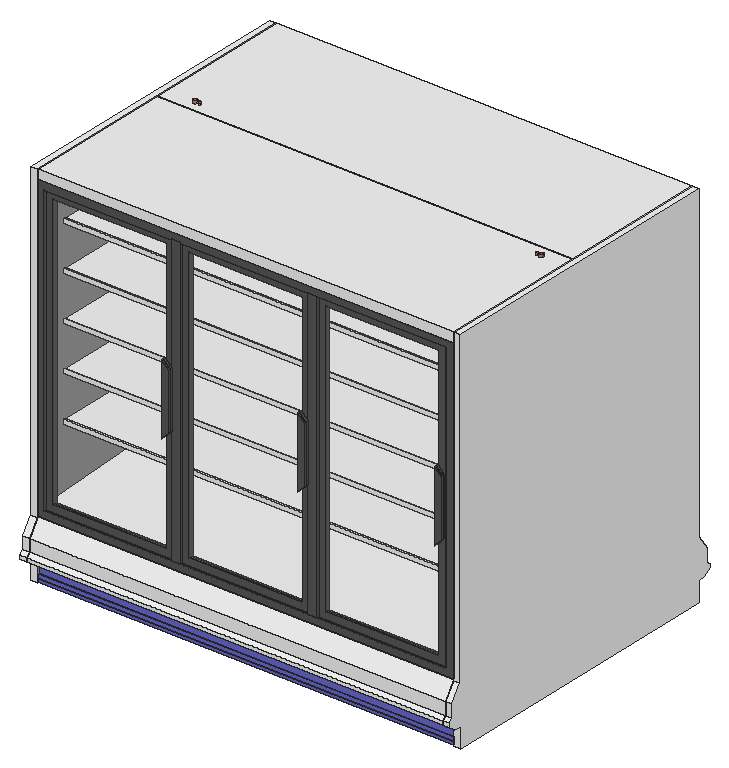
Revit family
Parameters (values of type "RLNI-3DR. Innov., Innov. II & III")
  Width = 72 1/4"
  Voltage - Electric Defrost [instance] = 208 V
  Voltage [instance] = 120 V
  URL = "www.hussmann.com"
  Type Comments = "Narrow LT Reach-In Island Merchandiser"
  Temp Sensor [instance] = "Low Voltage"
  Telephone = no
  System Control [instance] = "1.00 A"
  Revit Family Dates = "4/23/12PMA(0112)"
  Refrigerant Suction Connection Diameter [instance] = 7/8"
  Refrigerant Liquid Connection Diameter [instance] = 3/8"
  Refrig. Suction-2 [instance] = "Suction2"
  Refrig. Suction [instance] = "Suction"
  Refrig. Liquid-2 [instance] = "Liquid2"
  Refrig. Liquid [instance] = "Liquid"
  Phase [instance] = 1
  Number of Shelves = 0
  Model = "RLNI-4"
  Mirrored Right End Cap On/Off [instance] = yes
  Mirrored Left End Cap On/Off [instance] = yes
  Manufacturer = "Hussmann Corporation"
  MCA (Min Circ Amp) - 2 [instance] = 4.9 A
  MCA (Min Circ Amp) [instance] = 4.9 A
  Linear Shelf Length = 0"
  Length = 153 5/16"
  Height = 82 3/8"
  Front Height = 0"
  Frequency [instance] = 60 Hz
  Finish_Trim [instance] = Stainless Steel 2
  Finish_Top [instance] = none
  Finish_Shelf [instance] = Stainless Steel
  Finish_Handle = Metal Black-Door
  Finish_Glass [instance] = Glass 2
  Finish_Frame = Metal Black-Door
  Finish_Door [instance] = Metal Black-Door
  Finish_Case [instance] = Stainless Steel
  Finish_Bumper [instance] = Metal Blue-trim
  Finish_Base [instance] = Stainless Steel
  Elect. Defrost Amps-2 [instance] = "10.08 A"
  Elect. Defrost Amps [instance] = "10.08 A"
  Elect. Def. Amps - 2 [instance] = 10.08 A
  Elect. Def. Amps [instance] = 10.08 A
  EMS = no
  Drain Pipe Size = "1 1/4\""
  Drain Heaters-2 [instance] = 1.25 A
  Drain Heaters [instance] = 1.25 A
  Description = "Low Temperature Reach-in(Food or Ice Cream)"
  Depth = 39 3/4"
  Data = "N/A"
  Copper-Suction [instance] = Copper
  Copper-Liquid [instance] = Copper
  Case Lights-2 [instance] = 0.54 A
  Case Lights Amps-2 [instance] = "0.54 A"
  Case Lights Amps [instance] = "0.54 A"
  Case Lights [instance] = 0.54 A
  Case Fans (MCA)-2 [instance] = "4.90 A"
  Case Fans (MCA) [instance] = "4.90 A"
  Assembly Code = ""
  Accessories/Options = "N/A"
Reference planes (in)
  plane 1 "Center (Front/Back)": y = 0
  plane 2: z = 0
  plane 3: z = 13.375
  plane 4: z = 80.375
  plane 5: z = 82.375
  plane 6: x = -77.30699
  plane 7: x = 76.00551
  plane 8: x = -0.49449
  plane 9: y = -36.16436
  plane 10: y = -27.03936
  plane 11: y = -24.41436
  plane 12: y = 36.08564
  plane 13: y = 23.375
  plane 14: y = 20.75
  plane 15: x = 55.81606
  plane 16: y = -23.91436
  plane 17: y = -34.03936
  plane 18: x = 63.00551
  plane 19: x = -62.05894
  plane 20: x = 60.81606
  plane 21: x = -46.86949
  plane 22: x = 45.63051
  plane 23: y = 33.08564
  plane 24: y = -33.16436
  plane 25: x = -22.86949
  plane 26: x = 21.88051
  plane 27: y = 27.03936
Forms (in)
  Extrusion 1, solid, material "Stainless Steel" <- "Finish_Case"
    sketch origin (-77.30699, 3.58564, 0) x (0, 1, 0) y (0, 0, 1)
      loop
        line (-5, 4.63662) -> (-3.58564, 6.05098) -> (-3.58564, 82.375) -> (-36.8125, 82.375) -> (-36.8125, 80.375) -> (-5.25, 80.375) -> (-5.25, 8.32075) -> (-24.32494, 7.65464) -> (-25.55546, 6.42413) -> (-29.05546, 6.42413) -> (-31, 8.36867) -> (-33.25, 8.36867) -> (-33.25, 6.36867) -> (-30.25, 4.63662) -> (-5, 4.63662)
    from 30.4375 to 122.9375
  Extrusion 2, solid, material "Stainless Steel" <- "Finish_Case"
    sketch origin (-77.30699, 7.58564, 0) x (0, 1, 0) y (0, 0, 1)
      loop
        line (-37.25, 13.375) -> (-40.75, 13.06879) -> (-43.04431, 9.79218) -> (-43.04431, 7.04218) -> (-43.75, 6.33649) -> (-43.75, 5.46372) -> (-42.51777, 4.6009) -> (-40.75, 6.36867) -> (-40.75, 8.36867) -> (-37.25, 8.36867) -> (-37.25, 13.375)
    from 30.4375 to 122.9375
  Extrusion 3, solid, material "Stainless Steel" <- "Finish_Case"
    sketch origin (-77.30699, 3.58564, 0) x (0, 1, 0) y (0, 0, 1)
      loop
        line (-5.25, 80.375) -> (-32.75, 80.375) -> (-32.75, 79.30701) -> (-7.5, 78.86627) -> (-7.5, 8.24218) -> (-5.25, 8.32075) -> (-5.25, 80.375)
    from 30.4375 to 122.9375
  Extrusion 4, solid
    sketch origin (-77.30699, 3.58564, 0) x (0, 1, 0) y (0, 0, 1)
      loop
        line (-33, 79.31138) -> (-33, 78.31138) -> (-30, 78.31138) -> (-30, 79.25901) -> (-33, 79.31138)
    from 31.9375 to 121.4375
  Extrusion 5, solid, material "Stainless Steel" <- "Finish_Base"
    sketch origin (-77.30699, 3.58564, 0) x (0, 1, 0) y (0, 0, 1)
      loop
        line (-7.5, 8.24218) -> (-7.5, 14.02618) -> (-29, 14.02618) -> (-29, 11.02618)
        arc (-29, 11.02618) -> (-29.29289, 10.31907) -> (-30, 10.02618) r 1
        line (-30, 10.02618) -> (-31.25, 10.02618)
        arc (-31.25, 10.02618) -> (-31.95711, 10.31907) -> (-32.25, 11.02618) r 1
        line (-32.25, 11.02618) -> (-32.25, 13.375) -> (-33.25, 13.375) -> (-33.25, 8.36867) -> (-31, 8.36867) -> (-29.05546, 6.42413) -> (-25.55546, 6.42413) -> (-24.32494, 7.65464) -> (-7.5, 8.24218)
    from 30.4375 to 122.9375
  Extrusion 6, solid, material "Stainless Steel" <- "Finish_Shelf"
    sketch origin (-77.30699, 3.58564, 0) x (0, 1, 0) y (0, 0, 1)
      loop
        line (-7.5, 64.46157) -> (-7.5, 68.38662) -> (-8.5, 68.38662) -> (-8.5, 69.38662) -> (-29.5, 69.38662) -> (-29.5, 69.63662) -> (-29.75, 69.63662) -> (-29.75, 68.63662) -> (-29.5, 68.63662) -> (-29.5, 69.13662) -> (-26, 69.13662) -> (-26, 68.88662) -> (-13.81963, 68.88662) -> (-7.5, 64.46157)
      loop
        line (-34.54319, 13.85228) -> (-7.5, 15.26956) -> (-7.5, 16.27093) -> (-34.54319, 14.85366) -> (-34.54319, 13.85228)
      loop
        line (-7.5, 54.46157) -> (-7.5, 58.38662) -> (-8.5, 58.38662) -> (-8.5, 59.38662) -> (-29.5, 59.38662) -> (-29.5, 59.63662) -> (-29.75, 59.63662) -> (-29.75, 58.63662) -> (-29.5, 58.63662) -> (-29.5, 59.13662) -> (-26, 59.13662) -> (-26, 58.88662) -> (-13.81963, 58.88662) -> (-7.5, 54.46157)
      loop
        line (-7.5, 44.46157) -> (-7.5, 48.38662) -> (-8.5, 48.38662) -> (-8.5, 49.38662) -> (-29.5, 49.38662) -> (-29.5, 49.63662) -> (-29.75, 49.63662) -> (-29.75, 48.63662) -> (-29.5, 48.63662) -> (-29.5, 49.13662) -> (-26, 49.13662) -> (-26, 48.88662) -> (-13.81963, 48.88662) -> (-7.5, 44.46157)
      loop
        line (-7.5, 34.46157) -> (-7.5, 38.38662) -> (-8.5, 38.38662) -> (-8.5, 39.38662) -> (-29.5, 39.38662) -> (-29.5, 39.63662) -> (-29.75, 39.63662) -> (-29.75, 38.63662) -> (-29.5, 38.63662) -> (-29.5, 39.13662) -> (-26, 39.13662) -> (-26, 38.88662) -> (-13.81963, 38.88662) -> (-7.5, 34.46157)
      loop
        line (-7.5, 24.46157) -> (-7.5, 28.38662) -> (-8.5, 28.38662) -> (-8.5, 29.38662) -> (-29.5, 29.38662) -> (-29.5, 29.63662) -> (-29.75, 29.63662) -> (-29.75, 28.63662) -> (-29.5, 28.63662) -> (-29.5, 29.13662) -> (-26, 29.13662) -> (-26, 28.88662) -> (-13.81963, 28.88662) -> (-7.5, 24.46157)
    from 30.4375 to 122.9375
  Extrusion 7, solid, material "Stainless Steel"
    sketch origin (-45.36949, 3.58564, 0) x (0, 1, 0) y (0, 0, 1)
      loop
        line (0, 4.26162) -> (-33.84766, 4.26162) -> (-33.84766, 0) -> (0, 0) -> (0, 4.26162)
    from 0 to -1.5
  Extrusion 8, solid, material "Stainless Steel"
    sketch origin (44.13051, 3.58564, 0) x (0, 1, 0) y (0, 0, 1)
      loop
        line (0, 4.26162) -> (-33.84766, 4.26162) -> (-33.84766, 0) -> (0, 0) -> (0, 4.26162)
    from 0 to 1.5
  Extrusion 9, solid, material "Metal Blue-trim"
    sketch origin (-80.30699, 8.39814, 0) x (0, 1, 0) y (0, 0, 1)
      loop
        line (-38.66016, 4.7871) -> (-39.66016, 5.36445) -> (-39.66016, 4.26162) -> (-41.3125, 4.55297) -> (-41.3125, 1.75) -> (-41.5625, 1.75) -> (-41.5625, 1) -> (-41.3125, 1) -> (-41.3125, 0.75) -> (-41.5625, 0.75) -> (-41.5625, 0.19004) -> (-39.66016, 0.52548) -> (-39.66016, 0) -> (-38.66016, 0) -> (-38.66016, 4.7871)
    from 33.4375 to 125.9375
  Extrusion 10, solid, material "Stainless Steel"
    sketch origin (-80.30699, 3.58564, 0) x (0, 1, 0) y (0, 0, 1)
      loop
        line (-33.84766, 1.76162) -> (0, 1.76162) -> (0, 4.26162) -> (-33.84766, 4.26162) -> (-33.84766, 1.76162)
    from 33.4375 to 125.9375
  Extrusion 11, solid, material "Stainless Steel"
    sketch origin (-75.80699, 3.58564, 0) x (0, 1, 0) y (0, 0, 1)
      loop
        line (-0.5532, 1.76162) -> (-2.8032, 1.76162) -> (-2.8032, 0) -> (-0.5532, 0) -> (-0.5532, 1.76162)
      loop
        line (-29.125, 1.76162) -> (-29.125, 0) -> (-26.875, 0) -> (-26.875, 1.76162) -> (-29.125, 1.76162)
    from 28.9375 to 121.4375
  Extrusion 12, solid, material "Stainless Steel"
    sketch origin (-77.30699, 3.58564, 0) x (0, 1, 0) y (0, 0, 1)
      loop
        line (-2.5, 4.26162) -> (0, 4.26162) -> (0, 50.13662) -> (-2.5, 50.13662) -> (-2.5, 4.26162)
    from 30.4375 to 122.9375
  Sweep 13, solid, material "Metal Black-Door"
    path origin (30.4375, 6.77314, 0) x (1, 0, 0) y (0, 0, 1)
      loop
        line (-77.30699, 80.375) -> (-77.30699, 13.375) -> (15.19301, 13.375) -> (15.19301, 80.375) -> (-77.30699, 80.375)
    profile origin (-0.61949, 6.77314, 80.375) x (0, 0, 1) y (0, -1, 0)
      loop
        line (0, 40) -> (-1.5, 40) -> (-1.5, 38.5) -> (0, 38.5) -> (0, 40)
  Extrusion 14, solid, material "Metal Black-Door"
    sketch origin (30.4375, -33.22686, 0) x (0, 0, 1) y (1, 0, 0)
      loop
        line (78.875, -75.80699) -> (78.875, -47.53199) -> (14.875, -47.53199) -> (14.875, -75.80699) -> (78.875, -75.80699)
      loop
        line (77.375, -74.30699) -> (77.375, -49.03199) -> (16.375, -49.03199) -> (16.375, -74.30699) -> (77.375, -74.30699)
      loop
        line (78.875, -17.25699) -> (14.875, -17.25699) -> (14.875, -45.53199) -> (78.875, -45.53199) -> (78.875, -17.25699)
      loop
        line (77.375, -18.75699) -> (16.375, -18.75699) -> (16.375, -44.03199) -> (77.375, -44.03199) -> (77.375, -18.75699)
      loop
        line (78.875, -15.13199) -> (78.875, 13.14301) -> (14.875, 13.14301) -> (14.875, -15.13199) -> (78.875, -15.13199)
      loop
        line (77.375, -13.63199) -> (77.375, 11.64301) -> (16.375, 11.64301) -> (16.375, -13.63199) -> (77.375, -13.63199)
    from 0.5 to 1.5
  Extrusion 15, solid, material "Glass 2"
    sketch origin (30.4375, -32.47686, 0) x (1, 0, 0) y (0, 0, 1)
      loop
        line (-74.30699, 77.375) -> (-74.30699, 16.375) -> (-49.03199, 16.375) -> (-49.03199, 77.375) -> (-74.30699, 77.375)
      loop
        line (-18.75699, 77.375) -> (-44.03199, 77.375) -> (-44.03199, 16.375) -> (-18.75699, 16.375) -> (-18.75699, 77.375)
      loop
        line (-13.63199, 77.375) -> (-13.63199, 16.375) -> (11.64301, 16.375) -> (11.64301, 77.375) -> (-13.63199, 77.375)
    from 0 to -0.19922
  Extrusion 16, solid, material "Metal Black-Door"
    sketch origin (-4.44375, 3.64814, 31.9375) x (1, 0, 0) y (0, 0, 1)
      loop
        line (-14.15074, 22.8125) -> (-14.15074, 22.45895) -> (-12.90074, 21.20895) -> (-12.90074, 8.66605) -> (-14.15074, 7.41605) -> (-14.15074, 7.0625) -> (-12.65074, 8.5625) -> (-12.65074, 21.3125) -> (-14.15074, 22.8125)
    from 36.875 to 37.375
  Extrusion 17, solid, material "Metal Black-Door"
    sketch origin (-4.44375, -33.72686, 31.9375) x (1, 0, 0) y (0, 0, 1)
      loop
        line (-12.65074, 21.3125) -> (-14.15074, 22.8125) -> (-14.15074, 7.0625) -> (-12.65074, 8.5625) -> (-12.65074, 21.3125)
    from 0.25 to 0
  Extrusion 18, solid, material "Metal Black-Door"
    sketch origin (25.83125, 3.64814, 31.9375) x (1, 0, 0) y (0, 0, 1)
      loop
        line (-14.15074, 22.8125) -> (-14.15074, 22.45895) -> (-12.90074, 21.20895) -> (-12.90074, 8.66605) -> (-14.15074, 7.41605) -> (-14.15074, 7.0625) -> (-12.65074, 8.5625) -> (-12.65074, 21.3125) -> (-14.15074, 22.8125)
    from 36.875 to 37.375
  Extrusion 19, solid, material "Metal Black-Door"
    sketch origin (25.83125, -33.72686, 31.9375) x (1, 0, 0) y (0, 0, 1)
      loop
        line (-12.65074, 21.3125) -> (-14.15074, 22.8125) -> (-14.15074, 7.0625) -> (-12.65074, 8.5625) -> (-12.65074, 21.3125)
    from 0.25 to 0
  Extrusion 20, solid, material "Metal Black-Door"
    sketch origin (56.23125, 3.64814, 31.9375) x (1, 0, 0) y (0, 0, 1)
      loop
        line (-14.15074, 22.8125) -> (-14.15074, 22.45895) -> (-12.90074, 21.20895) -> (-12.90074, 8.66605) -> (-14.15074, 7.41605) -> (-14.15074, 7.0625) -> (-12.65074, 8.5625) -> (-12.65074, 21.3125) -> (-14.15074, 22.8125)
    from 36.875 to 37.375
  Extrusion 21, solid, material "Metal Black-Door"
    sketch origin (56.23125, -33.72686, 31.9375) x (1, 0, 0) y (0, 0, 1)
      loop
        line (-12.65074, 21.3125) -> (-14.15074, 22.8125) -> (-14.15074, 7.0625) -> (-12.65074, 8.5625) -> (-12.65074, 21.3125)
    from 0.25 to 0
  Extrusion 22, solid, material "Metal Black-Door"
    sketch origin (30.4375, -33.07843, 0) x (1, 0, 0) y (0, 0, 1)
      loop
        line (-47.53199, 78.875) -> (-47.53199, 14.875) -> (-45.53199, 14.875) -> (-45.53199, 78.875) -> (-47.53199, 78.875)
      loop
        line (-17.25699, 78.875) -> (-17.25699, 14.875) -> (-15.13199, 14.875) -> (-15.13199, 78.875) -> (-17.25699, 78.875)
    from 0.14844 to -1.35156
  Extrusion 23, solid, material "Stainless Steel" <- "Finish_Case"
    sketch origin (76.00551, -3.66436, 0) x (0, -1, 0) y (0, 0, 1)
      loop
        line (-5, 4.63662) -> (-3.66436, 5.97226) -> (-3.66436, 82.375) -> (-36.8125, 82.375) -> (-36.8125, 80.375) -> (-5.25, 80.375) -> (-5.25, 8.32075) -> (-24.32494, 7.65464) -> (-25.55546, 6.42413) -> (-29.05546, 6.42413) -> (-31, 8.36867) -> (-33.25, 8.36867) -> (-33.25, 6.36867) -> (-30.25, 4.63662) -> (-5, 4.63662)
    from 30.375 to 122.875
  Extrusion 24, solid, material "Stainless Steel" <- "Finish_Case"
    sketch origin (76.00551, -7.66436, 0) x (0, -1, 0) y (0, 0, 1)
      loop
        line (-37.25, 13.375) -> (-40.75, 13.06879) -> (-43.04431, 9.79218) -> (-43.04431, 7.04218) -> (-43.75, 6.33649) -> (-43.75, 5.46372) -> (-42.51777, 4.6009) -> (-40.75, 6.36867) -> (-40.75, 8.36867) -> (-37.25, 8.36867) -> (-37.25, 13.375)
    from 30.375 to 122.875
  Extrusion 25, solid, material "Stainless Steel" <- "Finish_Case"
    sketch origin (76.00551, -3.66436, 0) x (0, -1, 0) y (0, 0, 1)
      loop
        line (-5.25, 80.375) -> (-32.75, 80.375) -> (-32.75, 79.30701) -> (-7.5, 78.86627) -> (-7.5, 8.24218) -> (-5.25, 8.32075) -> (-5.25, 80.375)
    from 30.375 to 122.875
  Extrusion 26, solid
    sketch origin (76.00551, -3.66436, 0) x (0, -1, 0) y (0, 0, 1)
      loop
        line (-33, 79.31138) -> (-33, 78.31138) -> (-30, 78.31138) -> (-30, 79.25901) -> (-33, 79.31138)
    from 31.875 to 121.375
  Extrusion 27, solid, material "Stainless Steel" <- "Finish_Base"
    sketch origin (76.00551, -3.66436, 0) x (0, -1, 0) y (0, 0, 1)
      loop
        line (-7.5, 8.24218) -> (-7.5, 14.02618) -> (-29, 14.02618) -> (-29, 11.02618)
        arc (-29, 11.02618) -> (-29.29289, 10.31907) -> (-30, 10.02618) r 1
        line (-30, 10.02618) -> (-31.25, 10.02618)
        arc (-31.25, 10.02618) -> (-31.95711, 10.31907) -> (-32.25, 11.02618) r 1
        line (-32.25, 11.02618) -> (-32.25, 13.375) -> (-33.25, 13.375) -> (-33.25, 8.36867) -> (-31, 8.36867) -> (-29.05546, 6.42413) -> (-25.55546, 6.42413) -> (-24.32494, 7.65464) -> (-7.5, 8.24218)
    from 30.375 to 122.875
  Extrusion 28, solid, material "Stainless Steel" <- "Finish_Shelf"
    sketch origin (76.00551, -3.66436, 0) x (0, -1, 0) y (0, 0, 1)
      loop
        line (-7.5, 64.46157) -> (-7.5, 68.38662) -> (-8.5, 68.38662) -> (-8.5, 69.38662) -> (-29.5, 69.38662) -> (-29.5, 69.63662) -> (-29.75, 69.63662) -> (-29.75, 68.63662) -> (-29.5, 68.63662) -> (-29.5, 69.13662) -> (-26, 69.13662) -> (-26, 68.88662) -> (-13.81963, 68.88662) -> (-7.5, 64.46157)
      loop
        line (-34.54319, 13.85228) -> (-7.5, 15.26956) -> (-7.5, 16.27093) -> (-34.54319, 14.85366) -> (-34.54319, 13.85228)
      loop
        line (-7.5, 54.46157) -> (-7.5, 58.38662) -> (-8.5, 58.38662) -> (-8.5, 59.38662) -> (-29.5, 59.38662) -> (-29.5, 59.63662) -> (-29.75, 59.63662) -> (-29.75, 58.63662) -> (-29.5, 58.63662) -> (-29.5, 59.13662) -> (-26, 59.13662) -> (-26, 58.88662) -> (-13.81963, 58.88662) -> (-7.5, 54.46157)
      loop
        line (-7.5, 44.46157) -> (-7.5, 48.38662) -> (-8.5, 48.38662) -> (-8.5, 49.38662) -> (-29.5, 49.38662) -> (-29.5, 49.63662) -> (-29.75, 49.63662) -> (-29.75, 48.63662) -> (-29.5, 48.63662) -> (-29.5, 49.13662) -> (-26, 49.13662) -> (-26, 48.88662) -> (-13.81963, 48.88662) -> (-7.5, 44.46157)
      loop
        line (-7.5, 34.46157) -> (-7.5, 38.38662) -> (-8.5, 38.38662) -> (-8.5, 39.38662) -> (-29.5, 39.38662) -> (-29.5, 39.63662) -> (-29.75, 39.63662) -> (-29.75, 38.63662) -> (-29.5, 38.63662) -> (-29.5, 39.13662) -> (-26, 39.13662) -> (-26, 38.88662) -> (-13.81963, 38.88662) -> (-7.5, 34.46157)
      loop
        line (-7.5, 24.46157) -> (-7.5, 28.38662) -> (-8.5, 28.38662) -> (-8.5, 29.38662) -> (-29.5, 29.38662) -> (-29.5, 29.63662) -> (-29.75, 29.63662) -> (-29.75, 28.63662) -> (-29.5, 28.63662) -> (-29.5, 29.13662) -> (-26, 29.13662) -> (-26, 28.88662) -> (-13.81963, 28.88662) -> (-7.5, 24.46157)
    from 30.375 to 122.875
  Extrusion 29, solid, material "Stainless Steel"
    sketch origin (44.13051, -3.66436, 0) x (0, -1, 0) y (0, 0, 1)
      loop
        line (0, 4.26162) -> (-33.84766, 4.26162) -> (-33.84766, 0) -> (0, 0) -> (0, 4.26162)
    from 0 to -1.5
  Extrusion 30, solid, material "Stainless Steel"
    sketch origin (-45.36949, -3.66436, 0) x (0, -1, 0) y (0, 0, 1)
      loop
        line (0, 4.26162) -> (-33.84766, 4.26162) -> (-33.84766, 0) -> (0, 0) -> (0, 4.26162)
    from 0 to 1.5
  Extrusion 31, solid, material "Metal Blue-trim"
    sketch origin (79.00551, -8.47686, 0) x (0, -1, 0) y (0, 0, 1)
      loop
        line (-38.66016, 4.7871) -> (-39.66016, 5.36445) -> (-39.66016, 4.26162) -> (-41.3125, 4.55297) -> (-41.3125, 1.75) -> (-41.5625, 1.75) -> (-41.5625, 1) -> (-41.3125, 1) -> (-41.3125, 0.75) -> (-41.5625, 0.75) -> (-41.5625, 0.19004) -> (-39.66016, 0.52548) -> (-39.66016, 0) -> (-38.66016, 0) -> (-38.66016, 4.7871)
    from 33.375 to 125.875
  Extrusion 32, solid, material "Stainless Steel"
    sketch origin (79.00551, -3.66436, 0) x (0, -1, 0) y (0, 0, 1)
      loop
        line (-33.84766, 1.76162) -> (0, 1.76162) -> (0, 4.26162) -> (-33.84766, 4.26162) -> (-33.84766, 1.76162)
    from 33.375 to 125.875
  Extrusion 33, solid, material "Stainless Steel"
    sketch origin (74.50551, -3.66436, 0) x (0, -1, 0) y (0, 0, 1)
      loop
        line (-0.5532, 1.76162) -> (-2.8032, 1.76162) -> (-2.8032, 0) -> (-0.5532, 0) -> (-0.5532, 1.76162)
      loop
        line (-29.125, 1.76162) -> (-29.125, 0) -> (-26.875, 0) -> (-26.875, 1.76162) -> (-29.125, 1.76162)
    from 28.875 to 121.375
  Extrusion 34, solid, material "Stainless Steel"
    sketch origin (76.00551, -3.66436, 0) x (0, -1, 0) y (0, 0, 1)
      loop
        line (-2.5, 4.26162) -> (0, 4.26162) -> (0, 50.13662) -> (-2.5, 50.13662) -> (-2.5, 4.26162)
    from 30.375 to 122.875
  Sweep 35, solid, material "Metal Black-Door"
    path origin (29.13603, -6.85186, 0) x (-1, 0, 0) y (0, 0, 1)
      loop
        line (-16.49449, 80.375) -> (-16.49449, 13.375) -> (76.00551, 13.375) -> (76.00551, 80.375) -> (-16.49449, 80.375)
    profile origin (-0.61949, -6.85186, 80.375) x (0, 0, 1) y (0, 1, 0)
      loop
        line (0, 40) -> (-1.5, 40) -> (-1.5, 38.5) -> (0, 38.5) -> (0, 40)
  Extrusion 36, solid, material "Metal Black-Door"
    sketch origin (29.13603, 33.14814, 0) x (0, 0, 1) y (-1, 0, 0)
      loop
        line (78.875, -15.13199) -> (78.875, 13.14301) -> (14.875, 13.14301) -> (14.875, -15.13199) -> (78.875, -15.13199)
      loop
        line (77.375, -13.63199) -> (77.375, 11.64301) -> (16.375, 11.64301) -> (16.375, -13.63199) -> (77.375, -13.63199)
      loop
        line (78.875, 43.79301) -> (14.875, 43.79301) -> (14.875, 15.51801) -> (78.875, 15.51801) -> (78.875, 43.79301)
      loop
        line (77.375, 42.29301) -> (16.375, 42.29301) -> (16.375, 17.01801) -> (77.375, 17.01801) -> (77.375, 42.29301)
      loop
        line (78.875, 46.23051) -> (78.875, 74.50551) -> (14.875, 74.50551) -> (14.875, 46.23051) -> (78.875, 46.23051)
      loop
        line (77.375, 47.73051) -> (77.375, 73.00551) -> (16.375, 73.00551) -> (16.375, 47.73051) -> (77.375, 47.73051)
    from 0.5 to 1.5
  Extrusion 37, solid, material "Glass 2"
    sketch origin (29.13603, 32.39814, 0) x (-1, 0, 0) y (0, 0, 1)
      loop
        line (-13.63199, 77.375) -> (-13.63199, 16.375) -> (11.64301, 16.375) -> (11.64301, 77.375) -> (-13.63199, 77.375)
      loop
        line (42.29301, 77.375) -> (17.01801, 77.375) -> (17.01801, 16.375) -> (42.29301, 16.375) -> (42.29301, 77.375)
      loop
        line (47.73051, 77.375) -> (47.73051, 16.375) -> (73.00551, 16.375) -> (73.00551, 77.375) -> (47.73051, 77.375)
    from 0 to -0.19922
  Extrusion 38, solid, material "Metal Black-Door"
    sketch origin (3.34228, -3.72686, 31.9375) x (-1, 0, 0) y (0, 0, 1)
      loop
        line (-14.15074, 22.8125) -> (-14.15074, 22.45895) -> (-12.90074, 21.20895) -> (-12.90074, 8.66605) -> (-14.15074, 7.41605) -> (-14.15074, 7.0625) -> (-12.65074, 8.5625) -> (-12.65074, 21.3125) -> (-14.15074, 22.8125)
    from 36.875 to 37.375
  Extrusion 39, solid, material "Metal Black-Door"
    sketch origin (3.34228, 33.64814, 31.9375) x (-1, 0, 0) y (0, 0, 1)
      loop
        line (-12.65074, 21.3125) -> (-14.15074, 22.8125) -> (-14.15074, 7.0625) -> (-12.65074, 8.5625) -> (-12.65074, 21.3125)
    from 0.25 to 0
  Extrusion 40, solid, material "Metal Black-Door"
    sketch origin (-27.30827, -3.72686, 31.9375) x (-1, 0, 0) y (0, 0, 1)
      loop
        line (-14.15128, 22.8125) -> (-14.15128, 22.45895) -> (-12.90074, 21.20895) -> (-12.90074, 8.66605) -> (-14.15128, 7.41605) -> (-14.15128, 7.0625) -> (-12.65074, 8.5625) -> (-12.65074, 21.3125) -> (-14.15128, 22.8125)
    from 36.875 to 37.375
  Extrusion 41, solid, material "Metal Black-Door"
    sketch origin (-27.30827, 33.64814, 31.9375) x (-1, 0, 0) y (0, 0, 1)
      loop
        line (-12.65074, 21.3125) -> (-14.15128, 22.8125) -> (-14.15128, 7.0625) -> (-12.65074, 8.5625) -> (-12.65074, 21.3125)
    from 0.25 to 0
  Extrusion 42, solid, material "Metal Black-Door"
    sketch origin (-58.02077, -3.72686, 31.9375) x (-1, 0, 0) y (0, 0, 1)
      loop
        line (-14.15128, 22.8125) -> (-14.15128, 22.45895) -> (-12.90074, 21.20895) -> (-12.90074, 8.66605) -> (-14.15128, 7.41605) -> (-14.15128, 7.0625) -> (-12.65074, 8.5625) -> (-12.65074, 21.3125) -> (-14.15128, 22.8125)
    from 36.875 to 37.375
  Extrusion 43, solid, material "Metal Black-Door"
    sketch origin (-58.02077, 33.64814, 31.9375) x (-1, 0, 0) y (0, 0, 1)
      loop
        line (-12.65074, 21.3125) -> (-14.15128, 22.8125) -> (-14.15128, 7.0625) -> (-12.65074, 8.5625) -> (-12.65074, 21.3125)
    from 0.25 to 0
  Extrusion 44, solid, material "Metal Black-Door"
    sketch origin (29.13603, 32.9997, 0) x (-1, 0, 0) y (0, 0, 1)
      loop
        line (13.14301, 78.875) -> (13.14301, 14.875) -> (15.51801, 14.875) -> (15.51801, 78.875) -> (13.14301, 78.875)
      loop
        line (43.79301, 78.875) -> (43.79301, 14.875) -> (46.23051, 14.875) -> (46.23051, 78.875) -> (43.79301, 78.875)
    from 0.14844 to -1.35156
  Extrusion 45, solid, material "Glass 2"
    sketch origin (-30.375, 10.58564, 0) x (1, 0, 0) y (0, 1, 0)
      loop
        circle (63.00551, -37.625) r 0.25
      loop
        circle (63.00551, -37.625) r 0.22784
      loop
        circle (62.41614, -37.625) r 0.25
      loop
        circle (62.41614, -37.625) r 0.22784
      loop
        circle (61.8347, -37.625) r 0.25
      loop
        circle (61.8347, -37.625) r 0.22784
      loop
        circle (61.26778, -37.625) r 0.25
      loop
        circle (61.26778, -37.625) r 0.22784
      loop
        circle (60.694, -37.625) r 0.25
      loop
        circle (60.694, -37.625) r 0.22784
    from 4.26162 to 1
  Extrusion 46, solid, material "Glass 2"
    sketch origin (-95.0625, 64.58564, 0) x (1, 0, 0) y (0, 1, 0)
      loop
        circle (63.00551, -37.625) r 0.25
      loop
        circle (63.00551, -37.625) r 0.22784
      loop
        circle (62.41614, -37.625) r 0.25
      loop
        circle (62.41614, -37.625) r 0.22784
      loop
        circle (61.8347, -37.625) r 0.25
      loop
        circle (61.8347, -37.625) r 0.22784
      loop
        circle (61.26778, -37.625) r 0.25
      loop
        circle (61.26778, -37.625) r 0.22784
      loop
        circle (63.59488, -37.625) r 0.25
      loop
        circle (63.59488, -37.625) r 0.22784
    from 4.26162 to 1
  Extrusion 47, solid, material "Copper" <- "Copper-Suction"
    sketch origin (-30.375, 0, 0) x (1, 0, 0) y (0, 1, 0)
      loop
        circle (71.00551, -22.57092) r 0.4375
      loop
        circle (71.00551, -22.57092) r 0.40773
    from 1.76162 to 1.51556
  Extrusion 48, solid, material "Copper" <- "Copper-Liquid"
    sketch origin (-30.375, 0, 0) x (1, 0, 0) y (0, 1, 0)
      loop
        circle (69.97066, -22.57092) r 0.1875
      loop
        circle (69.97066, -22.57092) r 0.16378
    from 1.76162 to 1.51556
  Extrusion 49, solid, material "Copper" <- "Copper-Suction"
    sketch origin (30.64947, -0.12786, 0) x (-1, 0, 0) y (0, -1, 0)
      loop
        circle (71.00551, -22.57092) r 0.4375
      loop
        circle (71.00551, -22.57092) r 0.40773
    from 1.76162 to 1.5196
  Extrusion 50, solid, material "Copper" <- "Copper-Liquid"
    sketch origin (30.64947, -0.12786, 0) x (-1, 0, 0) y (0, -1, 0)
      loop
        circle (69.97066, -22.57092) r 0.1875
      loop
        circle (69.97066, -22.57092) r 0.16378
    from 1.76162 to 1.5196
  Extrusion 51, solid, material "Copper" <- "Copper-Suction"
    sketch origin (30.64947, -20.12745, 0) x (-1, 0, 0) y (0, -1, 0)
      loop
        circle (71.00551, -22.57092) r 0.4375
      loop
        circle (71.00551, -22.57092) r 0.40773
    from 82.81138 to 82.375
  Extrusion 52, solid, material "Copper" <- "Copper-Liquid"
    sketch origin (30.64947, -20.12745, 0) x (-1, 0, 0) y (0, -1, 0)
      loop
        circle (69.97066, -22.57092) r 0.1875
      loop
        circle (69.97066, -22.57092) r 0.16378
    from 82.81138 to 82.375
  Extrusion 53, solid, material "Copper" <- "Copper-Suction"
    sketch origin (-30.375, 19.99882, 0) x (1, 0, 0) y (0, 1, 0)
      loop
        circle (71.00551, -22.57092) r 0.4375
      loop
        circle (71.00551, -22.57092) r 0.40773
    from 82.81138 to 82.375
  Extrusion 54, solid, material "Copper" <- "Copper-Liquid"
    sketch origin (-30.375, 19.99882, 0) x (1, 0, 0) y (0, 1, 0)
      loop
        circle (69.97066, -22.57092) r 0.1875
      loop
        circle (69.97066, -22.57092) r 0.16378
    from 82.81138 to 82.375
  Extrusion 55, solid, material "Glass 2"
    sketch origin (0, 0, 0) x (1, 0, 0) y (0, 1, 0)
      loop
        circle (-0.49449, -27.03936) r 0.625
      loop
        circle (-0.49449, -27.03936) r 0.59162
      loop
        circle (-0.49449, 27.03936) r 0.625
      loop
        circle (-0.49449, 27.03936) r 0.59162
    from 4.26162 to 1
Lines and regions (in)
  symbolic lines
    curve 1: line (-46.86949, 0, 0) -> (45.63051, 0, 0)
    curve 2: line (-46.86949, -36.16436, 0) -> (-46.86949, 0, 0)
    curve 3: line (45.63051, -36.16436, 0) -> (-46.86949, -36.16436, 0)
    curve 4: line (45.63051, 0, 0) -> (45.63051, -36.16436, 0)
    curve 5: line (45.63051, -7.25, 0) -> (-46.86949, -7.25, 0)
    curve 6: line (45.63051, 36.08564, 0) -> (45.63051, -7.25, 0)
    curve 7: line (-46.86949, 36.08564, 0) -> (45.63051, 36.08564, 0)
    curve 8: line (-46.86949, -7.25, 0) -> (-46.86949, 36.08564, 0)
Dimensions and locks (in)
  plane 5 to level = 82 3/8"
  Extrusion 29 to plane 5 = 82 3/8"
  level to plane 3 = 13 3/8"
  plane 4 to plane 5 = 2"
  plane 21 to plane 22 = 92 1/2"
  plane 22 to plane 21 = 92 1/2"
  Extrusion 2 to Extrusion 24 = 72 1/4"
  plane 1 "Center (Front/Back)" to plane 9 = 36.16436"
  plane 1 "Center (Front/Back)" to plane 10 = 27.03936"
  plane 1 "Center (Front/Back)" to plane 11 = 24.41436"
  plane 9 to plane 1 "Center (Front/Back)" = 36.16436"
  plane 10 to plane 1 "Center (Front/Back)" = 27.03936"
  plane 11 to plane 1 "Center (Front/Back)" = 24.41436"
Nested families (in)
  nested 1: "RLNI-INNOVATORII_LH-END CAP MIRRORED" at (-48.36949, 0, 0), visible <- "Mirrored Left End Cap On/Off", type "RLNI LH End Cap (Mirrored)"
    with Color - End Cap Stainless Steel
  nested 2: "RLNI-INNOVATORII_RH-END CAP MIRRORED" at (45.63051, 0, 0), visible <- "Mirrored Right End Cap On/Off", type "RLNI RH End Cap (Mirrored)"
    with Color - End Cap Stainless Steel
  nested 3: "Case Model TXT" at (-0.49449, -6.22124, 0), type "Case Model TXT"
  nested 4: "Case Nodes" at (32.63051, -27.03936, 0), type "Case Nodes"
  nested 5: "Case Nodes" at (40.62968, -22.57009, 0), type "Case Nodes"
  nested 6: "Case Nodes" at (40.62809, -2.57127, 0), type "Case Nodes"
  nested 7: "Case Nodes" at (-40.36587, 2.44647, 0), type "Case Nodes"
  nested 8: "Case Nodes" at (-40.3544, 22.46064, 0), type "Case Nodes"
  nested 9: "Case Nodes" at (-33.79765, 26.96169, 0), type "Case Nodes"
  nested 10: "Case Nodes" at (-22.86949, -33.16436, 0), type "Case Nodes"
  nested 11: "Case Nodes" at (-22.86949, 33.08564, 0), type "Case Nodes"
  nested 12: "Case Nodes" at (-22.86949, -27.03936, 0), type "Case Nodes"
  nested 13: "Case Nodes" at (21.88051, -33.16436, 0), type "Case Nodes"
  nested 14: "Case Nodes" at (21.88051, -27.03936, 0), type "Case Nodes"
  nested 15: "Case Nodes" at (-22.86949, 33.08564, 0), type "Case Nodes"
  nested 16: "Case Nodes" at (-22.86949, 27.03936, 0), type "Case Nodes"
  nested 17: "Case Nodes" at (21.88051, 33.08564, 0), type "Case Nodes"
  nested 18: "Case Nodes" at (21.88051, 27.03936, 0), type "Case Nodes"
Connectors (in)
  electrical at (32.63051, -27.03936, 1), driven by "Voltage - Electric Defrost", driven by "Phase", driven by "Elect. Defrost Amps"
    settings: on Extrusion 45, index 5, voltage 208 V, apparent load 0 VA, apparent load phase1 0 VA, apparent load phase2 0 VA, apparent load phase3 0 VA, power factor 1, load classification "Elect. Defrost Heaters", number of poles 1, system type 30, power factor state 1, is connector primary yes, connector utility no, sub classification motor no, connector description "10.08 A"
  electrical at (32.04114, -27.03936, 1), driven by "Phase", driven by "Voltage", driven by "Case Fans (MCA)"
    settings: on Extrusion 45, index 6, voltage 120 V, apparent load 0 VA, apparent load phase1 0 VA, apparent load phase2 0 VA, apparent load phase3 0 VA, power factor 1, load classification "Other", number of poles 1, system type 30, power factor state 1, is connector primary no, connector utility no, sub classification motor no, connector description "4.90 A"
  electrical at (-33.79472, 26.96064, 1), driven by "Phase", driven by "Voltage - Electric Defrost", driven by "Elect. Defrost Amps-2"
    settings: on Extrusion 46, index 9, voltage 208 V, apparent load 0 VA, apparent load phase1 0 VA, apparent load phase2 0 VA, apparent load phase3 0 VA, power factor 1, load classification "Other", number of poles 1, system type 30, power factor state 1, is connector primary no, connector utility no, sub classification motor no, connector description "10.08 A"
  electrical at (-33.2278, 26.96064, 1), driven by "Phase", driven by "Voltage", driven by "Case Fans (MCA)-2"
    settings: on Extrusion 46, index 10, voltage 120 V, apparent load 0 VA, apparent load phase1 0 VA, apparent load phase2 0 VA, apparent load phase3 0 VA, power factor 1, load classification "Other", number of poles 1, system type 30, power factor state 1, is connector primary no, connector utility no, sub classification motor no, connector description "4.90 A"
  piping at (40.63051, -22.57092, 1.51556), driven by "Refrig. Suction"
    settings: on Extrusion 47, index 17, connector radius 7/16", flow factor 0, pipe flow 0 GPM, pressure drop 0.00 psi, fitting loss kfactor 0, connector angle 0.00°, fixture units 0, flow configuration 0, flow direction 2, fitting loss method 0, system type 22, connector reference index -1, connector utility 0, adjustable connector no, is connector primary yes, fitting loss table "", connector description "Suction"
  piping at (39.59566, -22.57092, 1.51556), driven by "Refrig. Liquid"
    settings: on Extrusion 48, index 18, connector radius 3/16", flow factor 0, pipe flow 0 GPM, pressure drop 0.00 psi, fitting loss kfactor 0, connector angle 0.00°, fixture units 0, flow configuration 0, flow direction 1, fitting loss method 0, system type 22, connector reference index -1, connector utility 0, adjustable connector no, is connector primary no, fitting loss table "", connector description "Liquid"
  piping at (-40.35604, 22.44306, 1.5196), driven by "Refrig. Suction"
    settings: on Extrusion 49, index 19, connector radius 7/16", flow factor 0, pipe flow 0 GPM, pressure drop 0.00 psi, fitting loss kfactor 0, connector angle 0.00°, fixture units 0, flow configuration 0, flow direction 2, fitting loss method 0, system type 22, connector reference index -1, connector utility 0, adjustable connector no, is connector primary no, fitting loss table "", connector description "Suction"
  piping at (-39.32119, 22.44306, 1.5196), driven by "Refrig. Liquid"
    settings: on Extrusion 50, index 20, connector radius 3/16", flow factor 0, pipe flow 0 GPM, pressure drop 0.00 psi, fitting loss kfactor 0, connector angle 0.00°, fixture units 0, flow configuration 0, flow direction 1, fitting loss method 0, system type 22, connector reference index -1, connector utility 0, adjustable connector no, is connector primary no, fitting loss table "", connector description "Liquid"
  piping at (40.63051, -2.5721, 82.81138), driven by "Refrig. Suction-2"
    settings: on Extrusion 53, index 21, connector radius 7/16", flow factor 0, pipe flow 0 GPM, pressure drop 0.00 psi, fitting loss kfactor 0, connector angle 0.00°, fixture units 0, flow configuration 0, flow direction 2, fitting loss method 0, system type 22, connector reference index -1, connector utility 0, adjustable connector no, is connector primary no, fitting loss table "", connector description "Suction2"
  piping at (39.59566, -2.5721, 82.81138), driven by "Refrig. Liquid-2"
    settings: on Extrusion 54, index 22, connector radius 3/16", flow factor 0, pipe flow 0 GPM, pressure drop 0.00 psi, fitting loss kfactor 0, connector angle 0.00°, fixture units 0, flow configuration 0, flow direction 1, fitting loss method 0, system type 22, connector reference index -1, connector utility 0, adjustable connector no, is connector primary no, fitting loss table "", connector description "Liquid2"
  piping at (-40.35604, 2.44347, 82.81138), driven by "Refrig. Suction-2"
    settings: on Extrusion 51, index 23, connector radius 7/16", flow factor 0, pipe flow 0 GPM, pressure drop 0.00 psi, fitting loss kfactor 0, connector angle 0.00°, fixture units 0, flow configuration 0, flow direction 2, fitting loss method 0, system type 22, connector reference index -1, connector utility 0, adjustable connector no, is connector primary no, fitting loss table "", connector description "Suction2"
  piping at (-39.32119, 2.44347, 82.81138), driven by "Refrig. Liquid-2"
    settings: on Extrusion 52, index 24, connector radius 3/16", flow factor 0, pipe flow 0 GPM, pressure drop 0.00 psi, fitting loss kfactor 0, connector angle 0.00°, fixture units 0, flow configuration 0, flow direction 1, fitting loss method 0, system type 22, connector reference index -1, connector utility 0, adjustable connector no, is connector primary no, fitting loss table "", connector description "Liquid2"
  electrical at (31.4597, -27.03936, 1), driven by "Phase", driven by "Voltage", driven by "Case Lights Amps"
    settings: on Extrusion 45, index 25, voltage 120 V, apparent load 0 VA, apparent load phase1 0 VA, apparent load phase2 0 VA, apparent load phase3 0 VA, power factor 1, load classification "Other", number of poles 1, system type 30, power factor state 1, is connector primary no, connector utility no, sub classification motor no, connector description "0.54 A"
  electrical at (30.89278, -27.03936, 1), driven by "System Control"
    settings: on Extrusion 45, index 26, voltage 0 V, apparent load 0 VA, apparent load phase1 0 VA, apparent load phase2 0 VA, apparent load phase3 0 VA, power factor 1, load classification "Other", number of poles 1, system type 13, power factor state 1, is connector primary no, connector utility no, sub classification motor no, connector description "1.00 A"
  electrical at (30.319, -27.03936, 1), driven by "Temp Sensor"
    settings: on Extrusion 45, index 27, voltage 0 V, apparent load 0 VA, apparent load phase1 0 VA, apparent load phase2 0 VA, apparent load phase3 0 VA, power factor 1, load classification "Other", number of poles 1, system type 5, power factor state 1, is connector primary no, connector utility no, sub classification motor no, connector description "Low Voltage"
  electrical at (-31.46762, 26.96064, 1), driven by "Temp Sensor"
    settings: on Extrusion 46, index 28, voltage 0 V, apparent load 0 VA, apparent load phase1 0 VA, apparent load phase2 0 VA, apparent load phase3 0 VA, power factor 1, load classification "Other", number of poles 1, system type 5, power factor state 1, is connector primary no, connector utility no, sub classification motor no, connector description "Low Voltage"
  electrical at (-32.05699, 26.96064, 1), driven by "System Control"
    settings: on Extrusion 46, index 29, voltage 0 V, apparent load 0 VA, apparent load phase1 0 VA, apparent load phase2 0 VA, apparent load phase3 0 VA, power factor 1, load classification "Other", number of poles 1, system type 13, power factor state 1, is connector primary no, connector utility no, sub classification motor no, connector description "1.00 A"
  electrical at (-32.64636, 26.96064, 1), driven by "Phase", driven by "Voltage", driven by "Case Lights Amps-2"
    settings: on Extrusion 46, index 30, voltage 120 V, apparent load 0 VA, apparent load phase1 0 VA, apparent load phase2 0 VA, apparent load phase3 0 VA, power factor 1, load classification "Other", number of poles 1, system type 30, power factor state 1, is connector primary no, connector utility no, sub classification motor no, connector description "0.54 A"
  piping at (-0.49449, -27.03936, 1), driven by "Drain Pipe Size"
    settings: on Extrusion 55, index 31, connector radius 5/8", flow factor 0, pipe flow 0 GPM, pressure drop 0.00 psi, fitting loss kfactor 0, connector angle 0.00°, fixture units 0, flow configuration 0, flow direction 2, fitting loss method 0, system type 16, connector reference index -1, connector utility 0, adjustable connector no, is connector primary no, fitting loss table "", connector description "1 1/4\""
  piping at (-0.49449, 27.03936, 1), driven by "Drain Pipe Size"
    settings: on Extrusion 55, index 32, connector radius 5/8", flow factor 0, pipe flow 0 GPM, pressure drop 0.00 psi, fitting loss kfactor 0, connector angle 0.00°, fixture units 0, flow configuration 0, flow direction 2, fitting loss method 0, system type 16, connector reference index -1, connector utility 0, adjustable connector no, is connector primary no, fitting loss table "", connector description "1 1/4\""
Definition of nested family "RLNI-INNOVATORII_LH-END CAP MIRRORED"
  Parameters (values of type "RLNI LH End Cap (Mirrored)")
    URL = "www.hussmann.com"
    Model = "RLNI-END CAP"
    Manufacturer = "Hussmann Corporation"
    Color - End Cap [instance] = Stainless Steel
  Reference planes (in)
    plane 1 "Center (Front/Back)": y = 0
    plane 2: z = 0
    plane 3 "Center (Left/Right)": x = 0
    plane 4: y = -36.16436
    plane 5: y = 36.08564
    plane 6: x = 1.5
  Forms (in)
    Extrusion 1, solid, material "Stainless Steel" <- "Color - End Cap"
      sketch origin (0, 0, 0.3753) x (0, 1, 0) y (0, 0, 1)
        loop
          line (-33.16436, -0.3753) -> (33.08564, -0.3753) -> (33.08564, 4) -> (34.53078, 4) -> (36.08564, 5.08872) -> (36.08564, 5.96149) -> (35.37994, 6.66718) -> (35.37994, 9.41718) -> (33.14814, 12.60453) -> (33.14814, 82) -> (-33.22686, 82) -> (-33.22686, 12.60453) -> (-35.45867, 9.41718) -> (-35.45867, 6.66718) -> (-36.16436, 5.96149) -> (-36.16436, 5.08872) -> (-34.60951, 4) -> (-33.16436, 4) -> (-33.16436, -0.3753)
      from 0 to 1.5
  Dimensions and locks (in)
    plane 3 "Center (Left/Right)" to plane 6 = 1 1/2"
    plane 4 to plane 5 = 72 1/4"
    aligned and locked: level to plane 2
    aligned and locked: plane 6 to Extrusion 1
Definition of nested family "RLNI-INNOVATORII_RH-END CAP MIRRORED"
  Parameters (values of type "RLNI RH End Cap (Mirrored)")
    URL = "www.hussmann.com"
    Model = "RLNI-END CAP"
    Manufacturer = "Hussmann Corporation"
    Color - End Cap [instance] = Stainless Steel
  Reference planes (in)
    plane 1 "Center (Front/Back)": y = 0
    plane 2: z = 0
    plane 3 "Center (Left/Right)": x = 0
    plane 4: y = -36.16436
    plane 5: y = 36.08564
    plane 6: x = 1.5
  Forms (in)
    Extrusion 1, solid, material "Stainless Steel" <- "Color - End Cap"
      sketch origin (0, 0, 0.3764) x (0, 1, 0) y (0, 0, 1)
        loop
          line (-33.16436, -0.3764) -> (33.08564, -0.3764) -> (33.08564, 4) -> (34.53078, 4) -> (36.08564, 5.08872) -> (36.08564, 5.96149) -> (35.37994, 6.66718) -> (35.37994, 9.41718) -> (33.14814, 12.60453) -> (33.14814, 82) -> (-33.22686, 82) -> (-33.22686, 12.60453) -> (-35.45867, 9.41718) -> (-35.45867, 6.66718) -> (-36.16436, 5.96149) -> (-36.16436, 5.08872) -> (-34.60951, 4) -> (-33.16436, 4) -> (-33.16436, -0.3764)
      from 0 to 1.5
  Dimensions and locks (in)
    plane 3 "Center (Left/Right)" to plane 6 = 1 1/2"
    plane 4 to plane 5 = 72 1/4"
    aligned and locked: level to plane 2
    aligned and locked: plane 6 to Extrusion 1
Definition of nested family "Case Model TXT"
  Parameters (values of type "Case Model TXT")
    Case Model = ""
  Reference planes (in)
    plane 1: y = 0
    plane 2: x = 0
  Text (in)
    label "RI3-10" at (-0.01571, -0.00721, 0), shows "Case Model"
Definition of nested family "Case Nodes"
  Reference planes (in)
    plane 1 "Center (Front/Back)": y = 0
    plane 2: z = 0
    plane 3 "Center (Left/Right)": x = 0
  Lines and regions (in)
    model lines, style "InvisibleLines"
      curve 1: line (2.12132, 2.12132, 0) -> (-2.12132, -2.12132, 0)
      curve 2: line (-2.12132, 2.12132, 0) -> (2.12132, -2.12132, 0)
  Dimensions and locks (in)
    aligned and locked: plane 2 to level
